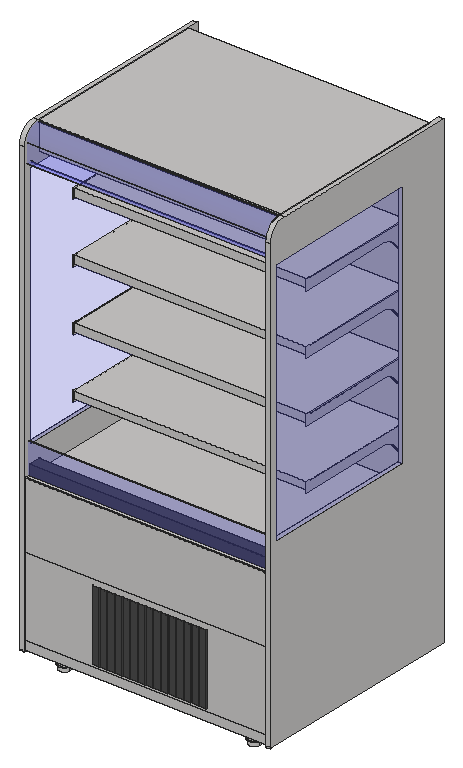
Revit family "Food-Service-Equipment_Oscartek_H7835_1040", category Specialty Equipment, Revit 2026
Family settings
  Round Connector Dimension = Use Diameter
  Part Type = Normal
  Classification Number = 23.40.40.11
  Work Plane-Based = No
  Enable Cutting in Views = No
  Always vertical = Yes
  Cut with Voids When Loaded = No
  Maintain Annotation Orientation = No
  Shared = No
  Room Calculation Point = No
Parameters
  Width = 40.94"  # constant formula
  Weight in Pounds = 440
  Watts = Volts * FL Amps  # 1760 W
  Waste Water Discharge Temperature [instance] = -459.67 °F
  Volts = 220 V
  URL Cutsheet = "www.oscartek.com"
  URL = "www.oscartek.com"
  Type Mark [instance] = ""
  Type Comments = "As Specified"
  Test Data = "http://www.oscartek.com/company/clients.php"
  Status [instance] = ""
  Specification by User [instance] = ""
  Specification by Manufacturer = ""
  Specification = "https://www.arcat.com/arcatcos/cos48/arc48760.html"
  Show Square Side [instance] = no
  Show Round Side [instance] = not(Show Square Side)  # yes
  Serial Number = ""
  Seismic Rating = ""
  Sales Information = "http://www.oscartek.com/company/contact.php"
  SMACNA No = ""
  Revision Code [instance] = ""
  Revision = "R1_2018-10"
  Product Data = "http://www.oscartek.com/support/manuals/"
  Plumbing Remarks [instance] = ""
  Plumbing Connection Type [instance] = ""
  Phase = 1
  Omniclass Number and Title = ""
  Number of Poles [instance] = 1
  NAFEM Spec ID Number = ""
  Model = "H78 1040"
  Min Ckt Ampacity = 0 A
  Max Overcurrent Protection = 0 A
  Masterspec = ""
  Manufacturer Website = "http://www.oscartek.com/index.php"
  Manufacturer Phone - Toll Free = "855-885-2400"
  Manufacturer Phone = "650-342-2400"
  Manufacturer Fax = "650-342-7400"
  Manufacturer Address = "361 Beach Rd., Burlingame, CA 94010"
  Manufacturer = "OSCARTEK"
  Item Number [instance] = ""
  Installed By [instance] = ""
  Installation-Fabrication = "http://www.oscartek.com/support/manuals/"
  Indirect Waste Size = 1"
  Indirect Waste Flow [instance] = 0 GPM
  Indirect Waste Connection Type [instance] = ""
  Indirect Waste Connection Height = 0.00"
  Identify Quantity as Lot [instance] = yes
  HP = ""
  Green Building-LEED = "https://www.arcat.com/green/green_building.shtml"
  Furnished By [instance] = ""
  Foodservice Equipment Identifier [instance] = yes
  FL Amps = 8 A
  Electrical Remarks [instance] = ""
  Electric Connection Type [instance] = ""
  Elec Conn RI Height [instance] = 0.00"
  Elec Conn Connection Height [instance] = 0.00"
  Drawn By = "Sumex Design, Inc. / Robert S. Weygant, CSI, CDT, SCIP"
  Description = "MURO H78 SELF SERVE AIR SCREEN WALL REFRIGERATION SHOWCASES"
  Default Elevation = 0.00"
  Cycle = 60 Hz
  Copyright = "©Arcat Inc."
  Construction Details = "http://www.oscartek.com/support/manuals/"
  Conn Plug = ""
  Conn Conduit = yes
  Category = ""
  CSI MasterFormat = "11 41 33"
  CSI Master Format = "Foodservice Shelving"
  Building Codes = "https://www.arcat.com/arcatcos/cos48/arc48760.html"
  Apparent Power = if(Phase = 3, Volts * FL Amps * 1.73, Volts * FL Amps)  # 1760 VA
Reference planes (in)
  plane 1 "BACK": y = 8.75
  plane 2: z = 0
  plane 3 "LEFT": x = 0
  plane 4 "RIGHT": x = 40.94
  plane 5 "FRONT": y = -26.5
  plane 6 "TOP": z = 78.75
  plane 7 "Center Y": x = 20.47
  plane 8 "Center X": y = -8.875
  plane 9: z = 3.271
  plane 10: x = 0.75
  plane 11: x = 40.19
  plane 12: z = 16.75
  plane 13: y = 0.5
Forms (in)
  Extrusion 1, solid, material "QF_Finishes_Stainless Steel", visible <- "Show Round Side"
    sketch origin (0, 0, 0) x (0, 1, 0) y (0, 0, 1)
      loop
        line (-26.46197, 2.20472) -> (8.75, 2.20472) -> (8.75, 78.75) -> (-23.75, 78.75)
        arc (-23.75, 78.75) -> (-25.69454, 77.94454) -> (-26.5, 76) r 2.75
        line (-26.5, 76) -> (-26.5, 2.24275)
        arc (-26.5, 2.24275) -> (-26.48886, 2.21586) -> (-26.46197, 2.20472) r 0.03803
      loop
        line (-25.5, 72.5) -> (-25.5, 31.95472) -> (0.5, 31.95472) -> (0.5, 72.5) -> (-25.5, 72.5)
    from 0 to 0.75
  Extrusion 2, solid, material "QF_Finishes_Stainless Steel", visible <- "Show Round Side"
    sketch origin (40.94, 0, 0) x (0, 1, 0) y (0, 0, 1)
      loop
        line (-26.46197, 2.20472) -> (8.75, 2.20472) -> (8.75, 78.75) -> (-23.75, 78.75)
        arc (-23.75, 78.75) -> (-25.69454, 77.94454) -> (-26.5, 76) r 2.75
        line (-26.5, 76) -> (-26.5, 2.24275)
        arc (-26.5, 2.24275) -> (-26.48886, 2.21586) -> (-26.46197, 2.20472) r 0.03803
      loop
        line (-25.5, 72.5) -> (-25.5, 31.95472) -> (0.5, 31.95472) -> (0.5, 72.5) -> (-25.5, 72.5)
    from 0 to -0.75
  Extrusion 3, solid, material "QF_Finishes_Stainless Steel"
    sketch origin (0, 0, 0) x (0, 1, 0) y (0, 0, 1)
      loop
        line (-26.34338, 2.40551) -> (-20.83158, 2.40551) -> (-20.83158, 3.937) -> (-26.34338, 3.937) -> (-26.34338, 2.40551)
      loop
        line (-2.59834, 2.40551) -> (7.28846, 2.40551) -> (7.28846, 3.937) -> (-2.59834, 3.937) -> (-2.59834, 2.40551)
    from 0.75 to 40.19
  Extrusion 4, solid, material "QF_Finishes_Stainless Steel"
    sketch origin (0, 0, 0) x (0, 1, 0) y (0, 0, 1)
      loop
        line (-26.40231, 3.937) -> (6.88184, 3.937) -> (6.88184, 74.20535) -> (3.00587, 74.20535) -> (3.00587, 20.17005) -> (-20.70592, 18.5975) -> (-24.50591, 20.79142) -> (-24.50591, 27.12554)
        arc (-24.50591, 27.12554) -> (-24.51736, 27.1533) -> (-24.54506, 27.16491) r 0.03937
        line (-24.54506, 27.16491) -> (-25.68701, 27.16491) -> (-25.68701, 27.63786)
        arc (-25.68701, 27.63786) -> (-25.69839, 27.66534) -> (-25.72586, 27.67672) r 0.03885
        line (-25.72586, 27.67672) -> (-26.41972, 27.67672)
        arc (-26.41972, 27.67672) -> (-26.44719, 27.66534) -> (-26.45857, 27.63788) r 0.03885
        line (-26.45857, 27.63788) -> (-26.46237, 16.75) -> (-26.40231, 16.75) -> (-26.40231, 3.937)
    from 0.75 to 40.19
  Extrusion 5, solid, material "QF_Finishes_Black"
    sketch origin (0, 0, 0) x (0, 1, 0) y (0, 0, 1)
      loop
        line (-25.68701, 27.16491) -> (-24.50591, 27.16491) -> (-24.50591, 20.79142) -> (-20.70592, 18.5975) -> (3.00587, 20.17005) -> (3.00587, 27.19737) -> (-22.53741, 27.19737) -> (-22.53741, 27.64347) -> (-23.70681, 29.31355)
        arc (-23.70681, 29.31355) -> (-23.72081, 29.32583) -> (-23.7389, 29.33026) r 0.03918
        line (-23.7389, 29.33026) -> (-25.64296, 29.33026)
        arc (-25.64296, 29.33026) -> (-25.67411, 29.31735) -> (-25.68701, 29.2862) r 0.04405
        line (-25.68701, 29.2862) -> (-25.68701, 27.16491)
    from 0.75 to 40.19
  Extrusion 6, solid, material "QF_Finishes_Stainless Steel"
    sketch origin (0, 0, 0) x (0, 1, 0) y (0, 0, 1)
      loop
        line (-22.51772, 27.20355) -> (2.73618, 27.20355) -> (2.73618, 27.67965) -> (-22.47332, 27.67965)
        arc (-22.47332, 27.67965) -> (-22.50472, 27.66665) -> (-22.51772, 27.63525) r 0.0444
        line (-22.51772, 27.63525) -> (-22.51772, 27.20355)
    from 0.75 to 40.19
  Extrusion 7, solid, material "QF_Finishes_Stainless Steel"
    sketch origin (0, -11.98827, 0) x (1, 0, 0) y (0, 1, 0)
      loop
        line (1.25, 14.74413) -> (1.75, 14.74413) -> (1.75, 14.99413) -> (1.25, 14.99413) -> (1.25, 14.74413)
      loop
        line (39.69, 14.74413) -> (39.69, 14.99413) -> (39.19, 14.99413) -> (39.19, 14.74413) -> (39.69, 14.74413)
    from 27.19737 to 73.95535
  Extrusion 8, solid, material "Glass"
    sketch origin (0, 0, 0) x (1, 0, 0) y (0, 1, 0)
      loop
        line (0.75, -25.8878) -> (40.19, -25.8878) -> (40.19, -25.68701) -> (0.75, -25.68701) -> (0.75, -25.8878)
    from 27.67672 to 32.79482
  Extrusion 9, solid, material "QF_Finishes_Stainless Steel"
    sketch origin (0, -21.8612, 29.41271) x (0, -0.264111, -0.964492) y (1, 0, 0)
      loop
        line (10.91245, 4.87364) -> (13.41245, 4.87364) -> (13.41245, 20.40346) -> (10.91245, 20.40346) -> (10.91245, 4.87364)
    from 0.96884 to 1.03549
  Extrusion 10, solid, material "QF_Finishes_Stainless Steel"
    sketch origin (0, 8.75, 0) x (1, 0, 0) y (0, 0, 1)
      loop
        line (5.64183, 18.76487) -> (5.02582, 16.75) -> (5.28724, 16.75) -> (5.8809, 18.69178)
        arc (5.8809, 18.69178) -> (5.97127, 18.81965) -> (6.11998, 18.86869) r 0.25
        line (6.11998, 18.86869) -> (19.13002, 18.86869)
        arc (19.13002, 18.86869) -> (19.27873, 18.81965) -> (19.3691, 18.69178) r 0.25
        line (19.3691, 18.69178) -> (19.96276, 16.75) -> (20.22418, 16.75) -> (19.60817, 18.76487)
        arc (19.60817, 18.76487) -> (19.42743, 19.02062) -> (19.13002, 19.11869) r 0.5
        line (19.13002, 19.11869) -> (6.11998, 19.11869)
        arc (6.11998, 19.11869) -> (5.82257, 19.02062) -> (5.64183, 18.76487) r 0.5
    from 25.13374 to 26.48762
  Extrusion 11, void
    sketch origin (0, 8.75, 0) x (1, 0, 0) y (0, 0, 1)
      loop
        arc (6.11998, 18.86869) -> (5.97127, 18.81965) -> (5.8809, 18.69178) r 0.25
        line (5.8809, 18.69178) -> (5.28724, 16.75) -> (19.96276, 16.75) -> (19.3691, 18.69178)
        arc (19.3691, 18.69178) -> (19.27873, 18.81965) -> (19.13002, 18.86869) r 0.25
        line (19.13002, 18.86869) -> (6.11998, 18.86869)
    from 25.13374 to 26.46149
  Extrusion 12, solid, material "QF_Finishes_Stainless Steel"
    sketch origin (0, 0, 0) x (0, 1, 0) y (0, 0, 1)
      loop
        line (-26.3643, 16.75) -> (-25.13374, 16.75) -> (-25.13374, 18.86869) -> (-25.80422, 18.86869) -> (-26.3643, 16.75)
    from 4.87364 to 20.40346
  Extrusion 13, solid, material "QF_Finishes_Stainless Steel"
    sketch origin (0, 0, 0) x (1, 0, 0) y (0, 1, 0)
      loop
        circle (36.94, -14.875) r 0.5
    from 16.18107 to 18.86869
  Extrusion 14, solid, material "QF_Finishes_Stainless Steel"
    sketch origin (0, -22.85993, 29.6862) x (0, -0.264111, -0.964492) y (1, 0, 0)
      loop
        arc (12.91245, 18.15026) -> (12.82092, 18.37123) -> (12.59995, 18.46276) r 0.3125
        line (12.59995, 18.46276) -> (12.02826, 18.46276)
        arc (12.02826, 18.46276) -> (11.80729, 18.37123) -> (11.71576, 18.15026) r 0.3125
        line (11.71576, 18.15026) -> (11.71576, 7.10053)
        arc (11.71576, 7.10053) -> (11.80752, 6.879) -> (12.02905, 6.78724) r 0.31329
        line (12.02905, 6.78724) -> (12.59995, 6.78724)
        arc (12.59995, 6.78724) -> (12.82092, 6.87877) -> (12.91245, 7.09974) r 0.3125
        line (12.91245, 7.09974) -> (12.91245, 18.15026)
    from 0 to 0.125
  Extrusion 15, solid, material "QF_Finishes_Black"
    sketch origin (0, -26.40231, 4.01088) x (0, 0, -1) y (1, 0, 0)
      loop
        line (-11.77886, 15.38176) -> (-11.77886, 14.38176) -> (-0.27886, 14.38176) -> (-0.27886, 15.38176) -> (-11.77886, 15.38176)
      loop
        line (-0.27886, 16.63176) -> (-11.77886, 16.63176) -> (-11.77886, 15.63176) -> (-0.27886, 15.63176) -> (-0.27886, 16.63176)
      loop
        line (-0.27886, 17.88176) -> (-11.77886, 17.88176) -> (-11.77886, 16.88176) -> (-0.27886, 16.88176) -> (-0.27886, 17.88176)
      loop
        line (-0.27886, 19.13176) -> (-11.77886, 19.13176) -> (-11.77886, 18.13176) -> (-0.27886, 18.13176) -> (-0.27886, 19.13176)
      loop
        line (-11.77886, 20.38176) -> (-11.77886, 19.38176) -> (-0.27886, 19.38176) -> (-0.27886, 20.38176) -> (-11.77886, 20.38176)
      loop
        line (-11.77886, 20.63176) -> (-0.27886, 20.63176) -> (-0.27886, 21.63176) -> (-11.77886, 21.63176) -> (-11.77886, 20.63176)
      loop
        line (-11.77886, 21.88176) -> (-0.27886, 21.88176) -> (-0.27886, 22.88176) -> (-11.77886, 22.88176) -> (-11.77886, 21.88176)
      loop
        line (-0.27886, 23.13176) -> (-0.27886, 24.13176) -> (-11.77886, 24.13176) -> (-11.77886, 23.13176) -> (-0.27886, 23.13176)
      loop
        line (-11.77886, 24.38176) -> (-0.27886, 24.38176) -> (-0.27886, 25.38176) -> (-11.77886, 25.38176) -> (-11.77886, 24.38176)
      loop
        line (-11.77886, 25.63176) -> (-0.27886, 25.63176) -> (-0.27886, 26.63176) -> (-11.77886, 26.63176) -> (-11.77886, 25.63176)
      loop
        line (-0.27886, 26.88176) -> (-0.27886, 27.88176) -> (-11.77886, 27.88176) -> (-11.77886, 26.88176) -> (-0.27886, 26.88176)
      loop
        line (-11.77886, 12.88176) -> (-11.77886, 11.88176) -> (-0.27886, 11.88176) -> (-0.27886, 12.88176) -> (-11.77886, 12.88176)
      loop
        line (-0.27886, 14.13176) -> (-11.77886, 14.13176) -> (-11.77886, 13.13176) -> (-0.27886, 13.13176) -> (-0.27886, 14.13176)
      loop
        line (-11.77886, 28.13176) -> (-0.27886, 28.13176) -> (-0.27886, 29.13176) -> (-11.77886, 29.13176) -> (-11.77886, 28.13176)
      loop
        line (-0.27886, 29.38176) -> (-0.27886, 30.38176) -> (-11.77886, 30.38176) -> (-11.77886, 29.38176) -> (-0.27886, 29.38176)
    from 0 to 0.0625
  Revolve 16, solid, material "QF_Finishes_Stainless Steel"
    sketch origin (28.62286, -23.62286, 0) x (1, 0, 0) y (0, 0, 1)
      loop
        line (-23.62286, 0) -> (-22.75672, 0) -> (-22.75672, 0.69791) -> (-22.67415, 0.69791)
        arc (-22.67415, 0.69791) -> (-22.56591, 0.7425) -> (-22.5205, 0.85039) r 0.15366
        line (-22.5205, 0.85039) -> (-22.5205, 2.40551) -> (-23.62286, 2.40551) -> (-23.62286, 0)
      axis (-23.62286, 0) -> (-23.62286, 2.40551)
    angle from 0 to 360
  Revolve 17, solid, material "QF_Finishes_Stainless Steel"
    sketch origin (28.62286, -4.25282, 0) x (1, 0, 0) y (0, 0, 1)
      loop
        line (-23.62286, 0) -> (-22.75672, 0) -> (-22.75672, 0.69791) -> (-22.67415, 0.69791)
        arc (-22.67415, 0.69791) -> (-22.56591, 0.7425) -> (-22.5205, 0.85039) r 0.15366
        line (-22.5205, 0.85039) -> (-22.5205, 2.40551) -> (-23.62286, 2.40551) -> (-23.62286, 0)
      axis (-23.62286, 0) -> (-23.62286, 2.40551)
    angle from 0 to 360
  Revolve 18, solid, material "QF_Finishes_Stainless Steel"
    sketch origin (-3.37286, -23.62286, 0) x (-1, 0, 0) y (0, 0, -1)
      loop
        line (-39.31286, 0) -> (-39.31286, -2.40551) -> (-38.2105, -2.40551) -> (-38.2105, -0.85039)
        arc (-38.2105, -0.85039) -> (-38.25591, -0.7425) -> (-38.36415, -0.69791) r 0.15366
        line (-38.36415, -0.69791) -> (-38.44672, -0.69791) -> (-38.44672, 0) -> (-39.31286, 0)
      axis (-39.31286, 0) -> (-39.31286, -2.40551)
    angle from 0 to 360
  Revolve 19, solid, material "QF_Finishes_Stainless Steel"
    sketch origin (-3.37286, -4.25282, 0) x (-1, 0, 0) y (0, 0, -1)
      loop
        line (-39.31286, 0) -> (-39.31286, -2.40551) -> (-38.2105, -2.40551) -> (-38.2105, -0.85039)
        arc (-38.2105, -0.85039) -> (-38.25591, -0.7425) -> (-38.36415, -0.69791) r 0.15366
        line (-38.36415, -0.69791) -> (-38.44672, -0.69791) -> (-38.44672, 0) -> (-39.31286, 0)
      axis (-39.31286, 0) -> (-39.31286, -2.40551)
    angle from 0 to 360
  Extrusion 20, solid, material "Glass", visible <- "Show Round Side"
    sketch origin (0, 0, 0) x (0, -1, 0) y (0, 0, 1)
      loop
        line (-0.5, 72.5) -> (-0.5, 31.95472) -> (25.5, 31.95472) -> (25.5, 72.5) -> (-0.5, 72.5)
    from 0 to -0.75
  Extrusion 21, solid, material "Glass", visible <- "Show Round Side"
    sketch origin (40.94, 0, 0) x (0, 1, 0) y (0, 0, 1)
      loop
        line (0.5, 72.5) -> (-25.5, 72.5) -> (-25.5, 31.95472) -> (0.5, 31.95472) -> (0.5, 72.5)
    from 0 to -0.75
  Extrusion 22, solid, material "QF_Finishes_Stainless Steel", visible <- "Show Round Side"
    sketch origin (0, 0, 0) x (0, 1, 0) y (0, 0, 1)
      loop
        line (6.88184, 74.20535) -> (6.88184, 78.75) -> (-23.61812, 78.75) -> (-23.61812, 74.20535) -> (6.88184, 74.20535)
      loop
        arc (-26.12086, 73.35631) -> (-26.07664, 73.24957) -> (-25.9699, 73.20535) r 0.15096
        line (-25.9699, 73.20535) -> (-25.18659, 73.20535)
        arc (-25.18659, 73.20535) -> (-25.12409, 73.26785) -> (-25.18659, 73.33035) r 0.0625
        line (-25.18659, 73.33035) -> (-25.99586, 73.33035) -> (-25.99586, 76.375)
        arc (-25.99586, 76.375) -> (-25.37346, 77.8776) -> (-23.87086, 78.5) r 2.125
        line (-23.87086, 78.5) -> (-23.63863, 78.5) -> (-23.63863, 78.625) -> (-23.87086, 78.625)
        arc (-23.87086, 78.625) -> (-25.46185, 77.96599) -> (-26.12086, 76.375) r 2.25
        line (-26.12086, 76.375) -> (-26.12086, 73.35631)
    from 0.75 to 40.19
  Extrusion 23, solid, material "QF_Finishes_Stainless Steel", visible <- "Show Square Side"
    sketch origin (0, 0, 0) x (0, 1, 0) y (0, 0, 1)
      loop
        line (-26.46197, 2.20472) -> (8.75, 2.20472) -> (8.75, 78.5) -> (-26.46855, 78.5)
        arc (-26.46855, 78.5) -> (-26.49079, 78.49079) -> (-26.5, 78.46855) r 0.03145
        line (-26.5, 78.46855) -> (-26.5, 2.24275)
        arc (-26.5, 2.24275) -> (-26.48886, 2.21586) -> (-26.46197, 2.20472) r 0.03803
    from 0 to 0.75
  Extrusion 24, solid, material "QF_Finishes_Stainless Steel", visible <- "Show Square Side"
    sketch origin (40.94, 0, 0) x (0, 1, 0) y (0, 0, 1)
      loop
        line (-26.46197, 2.20472) -> (8.75, 2.20472) -> (8.75, 78.5) -> (-26.46855, 78.5)
        arc (-26.46855, 78.5) -> (-26.49079, 78.49079) -> (-26.5, 78.46855) r 0.03145
        line (-26.5, 78.46855) -> (-26.5, 2.24275)
        arc (-26.5, 2.24275) -> (-26.48886, 2.21586) -> (-26.46197, 2.20472) r 0.03803
    from 0 to -0.75
  Extrusion 25, solid, material "QF_Finishes_Stainless Steel", visible <- "Show Square Side"
    sketch origin (0, 0, 0) x (0, 1, 0) y (0, 0, 1)
      loop
        line (6.88184, 73.95535) -> (6.88184, 78.5) -> (-26.46855, 78.5)
        arc (-26.46855, 78.5) -> (-26.49079, 78.49079) -> (-26.5, 78.46855) r 0.03145
        line (-26.5, 78.46855) -> (-26.5, 72.95281)
        arc (-26.5, 72.95281) -> (-26.4861, 72.91926) -> (-26.45256, 72.90536) r 0.04744
        line (-26.45256, 72.90536) -> (-26.06693, 72.90536)
        arc (-26.06693, 72.90536) -> (-26.02559, 72.9467) -> (-26.06693, 72.98804) r 0.04134
        line (-26.06693, 72.98804) -> (-26.33346, 72.98804) -> (-26.33346, 74.19651) -> (-25.63361, 75.196) -> (-25.03709, 75.196)
        arc (-25.03709, 75.196) -> (-24.50394, 74.98804) -> (-23.97079, 75.196) r 0.7874
        line (-23.97079, 75.196) -> (-23.61812, 75.196) -> (-23.61812, 73.95535) -> (6.88184, 73.95535)
    from 0.75 to 40.19
  Extrusion 26, solid, material "QF_Finishes_Stainless Steel"
    sketch origin (0, 0, 0) x (0, 1, 0) y (0, 0, -1)
      loop
        line (2.61984, -66.3027) -> (2.61984, -65.02623) -> (-17.38016, -65.02623) -> (-17.38016, -66.3027) -> (2.61984, -66.3027)
      loop
        line (2.61984, -56.42928) -> (2.61984, -55.1528) -> (-17.38016, -55.1528) -> (-17.38016, -56.42928) -> (2.61984, -56.42928)
      loop
        line (2.61984, -46.55585) -> (2.61984, -45.27937) -> (-17.38016, -45.27937) -> (-17.38016, -46.55585) -> (2.61984, -46.55585)
      loop
        line (2.61984, -36.68242) -> (2.61984, -35.40595) -> (-17.38016, -35.40595) -> (-17.38016, -36.68243) -> (2.61984, -36.68242)
    from -39.4375 to -1.5625
  Extrusion 27, solid, material "QF_Finishes_Stainless Steel"
    sketch origin (0.09537, 0, 0) x (0, 1, 0) y (0, 0, -1)
      loop
        line (2.69876, -66.19945) -> (2.69876, -61.19225) -> (2.53367, -61.19225)
        arc (2.53367, -61.19225) -> (2.47723, -61.19848) -> (2.42492, -61.22055) r 0.19685
        line (2.42492, -61.22055) -> (0.06613, -63.97573)
        arc (0.06613, -63.97573) -> (-0.60615, -64.48369) -> (-1.42922, -64.66402) r 1.9685
        line (-1.42922, -64.66402) -> (-17.46199, -64.66402)
        arc (-17.46199, -64.66402) -> (-17.51766, -64.68708) -> (-17.54073, -64.74276) r 0.07874
        line (-17.54073, -64.74276) -> (-17.54073, -66.25876)
        arc (-17.54073, -66.25876) -> (-17.51766, -66.31444) -> (-17.46199, -66.3375) r 0.07874
        line (-17.46199, -66.3375) -> (-16.95018, -66.3375)
        arc (-16.95018, -66.3375) -> (-16.8945, -66.31444) -> (-16.87144, -66.25876) r 0.07874
        line (-16.87144, -66.25876) -> (-16.87144, -66.19945) -> (2.69876, -66.19945)
      loop
        line (2.69876, -56.32445) -> (2.69876, -51.31725) -> (2.53367, -51.31725)
        arc (2.53367, -51.31725) -> (2.47723, -51.32348) -> (2.42492, -51.34555) r 0.19685
        line (2.42492, -51.34555) -> (0.06613, -54.10073)
        arc (0.06613, -54.10073) -> (-0.60615, -54.60869) -> (-1.42922, -54.78902) r 1.9685
        line (-1.42922, -54.78902) -> (-17.46199, -54.78902)
        arc (-17.46199, -54.78902) -> (-17.51766, -54.81208) -> (-17.54073, -54.86776) r 0.07874
        line (-17.54073, -54.86776) -> (-17.54073, -56.38376)
        arc (-17.54073, -56.38376) -> (-17.51766, -56.43944) -> (-17.46199, -56.4625) r 0.07874
        line (-17.46199, -56.4625) -> (-16.95018, -56.4625)
        arc (-16.95018, -56.4625) -> (-16.8945, -56.43944) -> (-16.87144, -56.38376) r 0.07874
        line (-16.87144, -56.38376) -> (-16.87144, -56.32445) -> (2.69876, -56.32445)
      loop
        line (2.69876, -46.44945) -> (2.69876, -41.44225) -> (2.53367, -41.44225)
        arc (2.53367, -41.44225) -> (2.47723, -41.44848) -> (2.42492, -41.47055) r 0.19685
        line (2.42492, -41.47055) -> (0.06613, -44.22573)
        arc (0.06613, -44.22573) -> (-0.60615, -44.73369) -> (-1.42922, -44.91402) r 1.9685
        line (-1.42922, -44.91402) -> (-17.46199, -44.91402)
        arc (-17.46199, -44.91402) -> (-17.51766, -44.93708) -> (-17.54073, -44.99276) r 0.07874
        line (-17.54073, -44.99276) -> (-17.54073, -46.50876)
        arc (-17.54073, -46.50876) -> (-17.51766, -46.56444) -> (-17.46199, -46.5875) r 0.07874
        line (-17.46199, -46.5875) -> (-16.95018, -46.5875)
        arc (-16.95018, -46.5875) -> (-16.8945, -46.56444) -> (-16.87144, -46.50876) r 0.07874
        line (-16.87144, -46.50876) -> (-16.87144, -46.44945) -> (2.69876, -46.44945)
      loop
        line (2.69876, -36.57445) -> (2.69876, -31.56725) -> (2.53367, -31.56725)
        arc (2.53367, -31.56725) -> (2.47723, -31.57348) -> (2.42492, -31.59555) r 0.19685
        line (2.42492, -31.59555) -> (0.06613, -34.35073)
        arc (0.06613, -34.35073) -> (-0.60615, -34.85869) -> (-1.42922, -35.03902) r 1.9685
        line (-1.42922, -35.03902) -> (-17.46199, -35.03902)
        arc (-17.46199, -35.03902) -> (-17.51766, -35.06208) -> (-17.54073, -35.11776) r 0.07874
        line (-17.54073, -35.11776) -> (-17.54073, -36.63376)
        arc (-17.54073, -36.63376) -> (-17.51766, -36.68944) -> (-17.46199, -36.7125) r 0.07874
        line (-17.46199, -36.7125) -> (-16.95018, -36.7125)
        arc (-16.95018, -36.7125) -> (-16.8945, -36.68944) -> (-16.87144, -36.63376) r 0.07874
        line (-16.87144, -36.63376) -> (-16.87144, -36.57445) -> (2.69876, -36.57445)
    from -1.46713 to -1.37338
  Extrusion 28, solid, material "QF_Finishes_Stainless Steel"
    sketch origin (40.90463, 0, 0) x (0, 1, 0) y (0, 0, 1)
      loop
        line (2.69876, 66.19945) -> (-16.87144, 66.19945) -> (-16.87144, 66.25876)
        arc (-16.87144, 66.25876) -> (-16.8945, 66.31444) -> (-16.95018, 66.3375) r 0.07874
        line (-16.95018, 66.3375) -> (-17.46199, 66.3375)
        arc (-17.46199, 66.3375) -> (-17.51766, 66.31444) -> (-17.54073, 66.25876) r 0.07874
        line (-17.54073, 66.25876) -> (-17.54073, 64.74276)
        arc (-17.54073, 64.74276) -> (-17.51766, 64.68708) -> (-17.46199, 64.66402) r 0.07874
        line (-17.46199, 64.66402) -> (-1.42922, 64.66402)
        arc (-1.42922, 64.66402) -> (-0.60615, 64.48369) -> (0.06613, 63.97573) r 1.9685
        line (0.06613, 63.97573) -> (2.42492, 61.22055)
        arc (2.42492, 61.22055) -> (2.47723, 61.19848) -> (2.53367, 61.19225) r 0.19685
        line (2.53367, 61.19225) -> (2.69876, 61.19225) -> (2.69876, 66.19945)
      loop
        line (2.69876, 56.32445) -> (-16.87144, 56.32445) -> (-16.87144, 56.38376)
        arc (-16.87144, 56.38376) -> (-16.8945, 56.43944) -> (-16.95018, 56.4625) r 0.07874
        line (-16.95018, 56.4625) -> (-17.46199, 56.4625)
        arc (-17.46199, 56.4625) -> (-17.51766, 56.43944) -> (-17.54073, 56.38376) r 0.07874
        line (-17.54073, 56.38376) -> (-17.54073, 54.86776)
        arc (-17.54073, 54.86776) -> (-17.51766, 54.81208) -> (-17.46199, 54.78902) r 0.07874
        line (-17.46199, 54.78902) -> (-1.42922, 54.78902)
        arc (-1.42922, 54.78902) -> (-0.60615, 54.60869) -> (0.06613, 54.10073) r 1.9685
        line (0.06613, 54.10073) -> (2.42492, 51.34555)
        arc (2.42492, 51.34555) -> (2.47723, 51.32348) -> (2.53367, 51.31725) r 0.19685
        line (2.53367, 51.31725) -> (2.69876, 51.31725) -> (2.69876, 56.32445)
      loop
        line (2.69876, 46.44945) -> (-16.87144, 46.44945) -> (-16.87144, 46.50876)
        arc (-16.87144, 46.50876) -> (-16.8945, 46.56444) -> (-16.95018, 46.5875) r 0.07874
        line (-16.95018, 46.5875) -> (-17.46199, 46.5875)
        arc (-17.46199, 46.5875) -> (-17.51766, 46.56444) -> (-17.54073, 46.50876) r 0.07874
        line (-17.54073, 46.50876) -> (-17.54073, 44.99276)
        arc (-17.54073, 44.99276) -> (-17.51766, 44.93708) -> (-17.46199, 44.91402) r 0.07874
        line (-17.46199, 44.91402) -> (-1.42922, 44.91402)
        arc (-1.42922, 44.91402) -> (-0.60615, 44.73369) -> (0.06613, 44.22573) r 1.9685
        line (0.06613, 44.22573) -> (2.42492, 41.47055)
        arc (2.42492, 41.47055) -> (2.47723, 41.44848) -> (2.53367, 41.44225) r 0.19685
        line (2.53367, 41.44225) -> (2.69876, 41.44225) -> (2.69876, 46.44945)
      loop
        line (2.69876, 36.57445) -> (-16.87144, 36.57445) -> (-16.87144, 36.63376)
        arc (-16.87144, 36.63376) -> (-16.8945, 36.68944) -> (-16.95018, 36.7125) r 0.07874
        line (-16.95018, 36.7125) -> (-17.46199, 36.7125)
        arc (-17.46199, 36.7125) -> (-17.51766, 36.68944) -> (-17.54073, 36.63376) r 0.07874
        line (-17.54073, 36.63376) -> (-17.54073, 35.11776)
        arc (-17.54073, 35.11776) -> (-17.51766, 35.06208) -> (-17.46199, 35.03902) r 0.07874
        line (-17.46199, 35.03902) -> (-1.42922, 35.03902)
        arc (-1.42922, 35.03902) -> (-0.60615, 34.85869) -> (0.06613, 34.35073) r 1.9685
        line (0.06613, 34.35073) -> (2.42492, 31.59555)
        arc (2.42492, 31.59555) -> (2.47723, 31.57348) -> (2.53367, 31.56725) r 0.19685
        line (2.53367, 31.56725) -> (2.69876, 31.56725) -> (2.69876, 36.57445)
    from -1.46713 to -1.37338
Cuts and joins
  Extrusion 11 cuts Extrusion 4
  joined: Extrusion 4, Extrusion 9, Extrusion 10, Extrusion 12
Lines and regions (in)
  symbolic lines
    curve 1: line (0.75, 8.75, 0) -> (0, 8.75, 0)
    curve 2: line (0.75, -26.5, 0) -> (0.75, 8.75, 0)
    curve 3: line (0, -26.5, 0) -> (0.75, -26.5, 0)
    curve 4: line (0, 8.75, 0) -> (0, -26.5, 0)
    curve 5: line (40.19, -26.5, 0) -> (40.94, -26.5, 0)
    curve 6: line (40.19, 8.75, 0) -> (40.19, -26.5, 0)
    curve 7: line (40.94, 8.75, 0) -> (40.19, 8.75, 0)
    curve 8: line (40.94, -26.5, 0) -> (40.94, 8.75, 0)
    curve 9: line (40.19, 7.28846, 0) -> (0.75, 7.28846, 0)
    curve 10: line (0.75, -26.25, 0) -> (40.19, -26.25, 0)
  symbolic lines, visible <- "Show Round Side"
    curve 11: line (0.75, -23.61812, 0) -> (40.19, -23.61812, 0)
Dimensions and locks (in)
  equal spacing: plane 3 "LEFT", plane 7 "Center Y", plane 4 "RIGHT"
  "Width": plane 3 "LEFT" to plane 4 "RIGHT"
  equal spacing: plane 5 "FRONT", plane 8 "Center X", plane 1 "BACK"
  plane 5 "FRONT" to plane 1 "BACK" = 35.25"  (x2)
  plane 6 "TOP" to level = 78.75"
  locked: plane 3 "LEFT" to plane 10 at 0.75
  locked: plane 11 to plane 4 "RIGHT" at 0.75
  plane 12 to level = 16.75"
  Extrusion 10 sketch curve to Extrusion 10 sketch curve to Extrusion 10 sketch curve to Extrusion 10 sketch curve to Extrusion 10 sketch curve to Extrusion 10 sketch curve to Extrusion 10 sketch curve to Extrusion 10 sketch curve = 0.26142" locked, 0.83274" locked, 0.00" locked, 13.01004" locked, 0.00" locked, 0.83274" locked, 0.26142" locked
  plane 3 "LEFT" to Extrusion 9 sketch curve to Extrusion 9 sketch curve = 4.87364" locked, 15.52982" locked
  Extrusion 11 sketch curve to Extrusion 11 sketch curve to Extrusion 11 sketch curve to Extrusion 11 sketch curve = 0.83274" locked, 13.01004" locked, 0.83274" locked
  Revolve 18 sketch curve to Revolve 18 sketch curve to Revolve 18 sketch curve to Revolve 18 sketch curve to plane 4 "RIGHT" = 0.15365" locked, 0.08257" locked, 0.86614" locked, 5.00" locked
  Revolve 19 sketch curve to Revolve 19 sketch curve to Revolve 19 sketch curve to Revolve 19 sketch curve to plane 4 "RIGHT" = 0.15365" locked, 0.08257" locked, 0.86614" locked, 5.00" locked
  plane 13 to plane 1 "BACK" = 8.25"
  aligned and locked: level to plane 2
  aligned and locked: plane 6 "TOP" to Extrusion 1 sketch curve
  aligned and locked: Extrusion 2 to plane 11
  aligned and locked: plane 10 to Extrusion 3
  aligned and locked: plane 11 to Extrusion 3
  aligned and locked: plane 10 to Extrusion 4
  aligned and locked: plane 11 to Extrusion 4
  aligned and locked: plane 10 to Extrusion 5
  aligned and locked: plane 11 to Extrusion 5
  aligned and locked: plane 10 to Extrusion 6
  aligned and locked: plane 11 to Extrusion 6
  aligned and locked: plane 11 to Extrusion 25
  aligned and locked: plane 11 to Extrusion 22
Automatic sketch dimensions
  plane 1 "BACK" to curve 1 = 0.00"
  curve 1 to plane 3 "LEFT" = 0.00"
  plane 5 "FRONT" to curve 3 = 0.00"
  curve 3 to plane 10 = 0.00"
  curve 10 to plane 11 = 0.00"
  plane 1 "BACK" to curve 7 = 0.00"
  curve 7 to plane 4 "RIGHT" = 0.00"
  plane 5 "FRONT" to curve 6 = 0.00"
  curve 10 to plane 5 "FRONT" = 0.25"
  curve 10 to curve 11 = 2.63188"
  curve 9 to curve 6 = 1.46154"
  Extrusion 1 sketch curve to plane 5 "FRONT" = 0.00"
  Extrusion 1 sketch curve to plane 13 = 0.00"
  Extrusion 1 sketch curve to plane 1 "BACK" = 0.00"
  Extrusion 1 sketch curve to plane 5 "FRONT" = 0.03803"
  Extrusion 1 sketch curve to plane 5 "FRONT" = 1.00"
  Extrusion 1 sketch curve to plane 5 "FRONT" = 2.75"
  Extrusion 1 sketch curve to Extrusion 1 sketch curve = 3.50"
  plane 12 to Extrusion 1 sketch curve = 15.20472"
  Extrusion 1 sketch curve to plane 9 = 1.02825"
  Extrusion 2 sketch curve to plane 5 "FRONT" = 0.00"
  Extrusion 2 sketch curve to plane 6 "TOP" = 0.00"
  Extrusion 2 sketch curve to plane 13 = 0.00"
  Extrusion 2 sketch curve to plane 1 "BACK" = 0.00"
  Extrusion 2 sketch curve to plane 5 "FRONT" = 0.03803"
  Extrusion 2 sketch curve to plane 5 "FRONT" = 1.00"
  Extrusion 2 sketch curve to Extrusion 2 sketch curve = 2.75"
  Extrusion 2 sketch curve to Extrusion 2 sketch curve = 3.50"
  plane 12 to Extrusion 2 sketch curve = 15.20472"
  Extrusion 2 sketch curve to plane 9 = 1.02825"
  Extrusion 3 sketch curve to plane 5 "FRONT" = 0.15662"
  plane 9 to Extrusion 3 sketch curve = 0.666"  (x2)
  Extrusion 3 sketch curve to Extrusion 3 sketch curve = 5.5118"
  Extrusion 3 sketch curve to plane 9 = 0.86549"  (x2)
  plane 13 to Extrusion 3 sketch curve = 3.09834"
  plane 1 "BACK" to Extrusion 3 sketch curve = 1.46154"
  Extrusion 4 sketch curve to plane 12 = 0.00"
  Extrusion 4 sketch curve to plane 5 "FRONT" = 0.03763"
  Extrusion 4 sketch curve to plane 5 "FRONT" = 0.04143"
  Extrusion 4 sketch curve to Extrusion 4 sketch curve = 0.03885"  (x3)
  Extrusion 4 sketch curve to Extrusion 4 sketch curve = 0.06006"
  Extrusion 4 sketch curve to Extrusion 4 sketch curve = 0.69386"
  Extrusion 4 sketch curve to Extrusion 4 sketch curve = 1.14173"
  Extrusion 4 sketch curve to Extrusion 4 sketch curve = 0.00022"
  Extrusion 4 sketch curve to plane 5 "FRONT" = 1.99409"
  plane 12 to Extrusion 4 sketch curve = 1.8475"
  Extrusion 4 sketch curve to Extrusion 4 sketch curve = 3.79999"
  Extrusion 4 sketch curve to plane 13 = 2.50587"
  plane 1 "BACK" to Extrusion 4 sketch curve = 1.86816"
  plane 9 to Extrusion 4 sketch curve = 0.666"
  plane 12 to Extrusion 4 sketch curve = 3.42005"
  plane 12 to Extrusion 4 sketch curve = 4.04142"
  Extrusion 4 sketch curve to Extrusion 4 sketch curve = 6.33411"
  Extrusion 4 sketch curve to Extrusion 4 sketch curve = 0.47296"
  Extrusion 4 sketch curve to plane 6 "TOP" = 4.54465"
  Extrusion 5 sketch curve to plane 5 "FRONT" = 0.81299"
  Extrusion 5 sketch curve to Extrusion 5 sketch curve = 0.04405"
  Extrusion 5 sketch curve to Extrusion 5 sketch curve = 0.00"  (x2)
  Extrusion 5 sketch curve to Extrusion 5 sketch curve = 1.1811"
  Extrusion 5 sketch curve to Extrusion 5 sketch curve = 1.90406"
  Extrusion 5 sketch curve to Extrusion 5 sketch curve = 0.03209"
  Extrusion 5 sketch curve to Extrusion 5 sketch curve = 1.9685"
  plane 12 to Extrusion 5 sketch curve = 1.8475"
  Extrusion 5 sketch curve to Extrusion 5 sketch curve = 3.79999"
  Extrusion 5 sketch curve to plane 13 = 2.50587"
  plane 12 to Extrusion 5 sketch curve = 3.42005"
  plane 12 to Extrusion 5 sketch curve = 4.04142"
  Extrusion 5 sketch curve to Extrusion 5 sketch curve = 6.37348"
  Extrusion 5 sketch curve to Extrusion 5 sketch curve = 7.02732"
  Extrusion 5 sketch curve to Extrusion 5 sketch curve = 0.03247"
  Extrusion 5 sketch curve to Extrusion 5 sketch curve = 0.4461"
  Extrusion 5 sketch curve to Extrusion 5 sketch curve = 2.1213"
  Extrusion 5 sketch curve to Extrusion 5 sketch curve = 0.00488"
  Extrusion 5 sketch curve to Extrusion 5 sketch curve = 0.02247"
  Extrusion 6 sketch curve to plane 5 "FRONT" = 3.98228"
  Extrusion 6 sketch curve to Extrusion 6 sketch curve = 0.0444"
  Extrusion 6 sketch curve to plane 13 = 2.23618"
  plane 12 to Extrusion 6 sketch curve = 10.45355"
  Extrusion 6 sketch curve to Extrusion 6 sketch curve = 0.4317"
  plane 10 to Extrusion 7 sketch curve = 0.50"
  Extrusion 7 sketch curve to Extrusion 7 sketch curve = 0.50"  (x2)
  plane 11 to Extrusion 7 sketch curve = 1.00"
  plane 13 to Extrusion 7 sketch curve = 2.50587"  (x2)
  Extrusion 7 sketch curve to Extrusion 7 sketch curve = 0.25"  (x2)
  Extrusion 8 sketch curve to plane 10 = 0.00"
  Extrusion 8 sketch curve to plane 11 = 0.00"
  Extrusion 8 sketch curve to plane 5 "FRONT" = 0.6122"
  Extrusion 8 sketch curve to Extrusion 8 sketch curve = 0.20079"
  Extrusion 9 sketch curve to Extrusion 9 sketch curve = 2.50"
  Extrusion 10 sketch curve to Extrusion 10 sketch curve = 0.00"  (x4)
  Extrusion 10 sketch curve to plane 12 = 0.00"  (x2)
  Extrusion 10 sketch curve to plane 10 = 4.27582"
  plane 12 to Extrusion 10 sketch curve = 2.01487"
  Extrusion 10 sketch curve to Extrusion 10 sketch curve = 0.47815"
  plane 12 to Extrusion 10 sketch curve = 1.94178"
  Extrusion 10 sketch curve to Extrusion 10 sketch curve = 0.23908"  (x3)
  plane 12 to Extrusion 10 sketch curve = 1.86869"
  Extrusion 10 sketch curve to Extrusion 10 sketch curve = 0.07309"
  Extrusion 11 sketch curve to plane 12 = 0.00"
  Extrusion 11 sketch curve to plane 10 = 4.53724"
  plane 12 to Extrusion 11 sketch curve = 1.94178"
  Extrusion 11 sketch curve to Extrusion 11 sketch curve = 0.23908"  (x2)
  Extrusion 11 sketch curve to Extrusion 11 sketch curve = 0.07309"
  Extrusion 11 sketch curve to Extrusion 11 sketch curve = 0.25"
  Extrusion 12 sketch curve to plane 12 = 0.00"
  Extrusion 12 sketch curve to plane 5 "FRONT" = 0.1357"
  Extrusion 12 sketch curve to plane 5 "FRONT" = 0.69578"
  Extrusion 12 sketch curve to Extrusion 12 sketch curve = 0.67048"
  plane 12 to Extrusion 12 sketch curve = 2.11869"
  Extrusion 13 sketch curve to plane 11 = 3.25"
  Extrusion 13 sketch curve to plane 8 "Center X" = 6.00"
  Extrusion 14 sketch curve to Extrusion 9 = 0.80331"
  Extrusion 14 sketch curve to Extrusion 14 sketch curve = 0.3125"  (x2)
  Extrusion 14 sketch curve to Extrusion 14 sketch curve = 0.31329"
  Extrusion 14 sketch curve to Extrusion 14 sketch curve = 0.57169"
  Extrusion 14 sketch curve to Extrusion 14 sketch curve = 0.5709"
  Extrusion 14 sketch curve to Extrusion 9 = 1.9136"
  Extrusion 14 sketch curve to Extrusion 9 = 2.2532"
  Extrusion 4 to Extrusion 15 sketch curve = 0.96026"  (x10)
  Extrusion 15 sketch curve to Extrusion 15 sketch curve = 0.00"  (x16)
  Extrusion 4 to Extrusion 15 sketch curve = 0.35274"  (x4)
  Extrusion 4 to Extrusion 15 sketch curve = 11.13176"
  Extrusion 15 sketch curve to Extrusion 15 sketch curve = 1.00"  (x15)
  Extrusion 15 sketch curve to Extrusion 15 sketch curve = 0.25"  (x14)
  Revolve 16 sketch curve to level = 0.00"
  Revolve 16 sketch curve to plane 10 = 4.25"
  level to Revolve 16 sketch curve = 0.69791"
  Revolve 16 sketch curve to Revolve 16 sketch curve = 0.86614"
  Revolve 16 sketch curve to Revolve 16 sketch curve = 0.08257"
  Revolve 16 sketch curve to Revolve 16 sketch curve = 1.10236"
  Revolve 16 sketch curve to Revolve 16 sketch curve = 0.15248"
  Revolve 16 sketch curve to plane 9 = 0.86549"
  Revolve 16 sketch curve to Revolve 16 sketch curve = 0.00"  (x2)
  Revolve 16 sketch curve to Revolve 16 sketch curve = 0.25"
  Revolve 17 sketch curve to level = 0.00"
  Revolve 17 sketch curve to plane 10 = 4.25"
  level to Revolve 17 sketch curve = 0.69791"
  Revolve 17 sketch curve to Revolve 17 sketch curve = 0.86614"
  Revolve 17 sketch curve to Revolve 17 sketch curve = 0.08257"
  Revolve 17 sketch curve to Revolve 17 sketch curve = 1.10236"
  Revolve 17 sketch curve to Revolve 17 sketch curve = 0.15248"
  Revolve 17 sketch curve to plane 9 = 0.86549"
  Revolve 17 sketch curve to Revolve 17 sketch curve = 0.00"  (x2)
  Revolve 17 sketch curve to Revolve 17 sketch curve = 0.25"
  Revolve 18 sketch curve to level = 0.00"
  level to Revolve 18 sketch curve = 0.69791"
  Revolve 18 sketch curve to Revolve 18 sketch curve = 0.15248"
  Revolve 18 sketch curve to plane 9 = 0.86549"
  Revolve 18 sketch curve to Revolve 18 sketch curve = 0.00"  (x2)
  Revolve 18 sketch curve to Revolve 18 sketch curve = 0.25"
  Revolve 19 sketch curve to level = 0.00"
  level to Revolve 19 sketch curve = 0.69791"
  Revolve 19 sketch curve to Revolve 19 sketch curve = 0.15248"
  Revolve 19 sketch curve to plane 9 = 0.86549"
  Revolve 19 sketch curve to Revolve 19 sketch curve = 0.00"  (x2)
  Revolve 19 sketch curve to Revolve 19 sketch curve = 0.25"
  Extrusion 20 sketch curve to Extrusion 1 = 0.00"  (x4)
  Extrusion 21 sketch curve to plane 13 = 0.00"
  Extrusion 21 sketch curve to plane 5 "FRONT" = 1.00"
  plane 12 to Extrusion 21 sketch curve = 15.20472"
  Extrusion 21 sketch curve to plane 6 "TOP" = 6.25"
  Extrusion 22 sketch curve to Extrusion 22 sketch curve = 0.00"  (x2)
  Extrusion 22 sketch curve to plane 6 "TOP" = 0.00"
  Extrusion 22 sketch curve to plane 5 "FRONT" = 0.37914"
  Extrusion 22 sketch curve to Extrusion 22 sketch curve = 0.125"  (x2)
  Extrusion 22 sketch curve to Extrusion 22 sketch curve = 0.02596"
  Extrusion 22 sketch curve to Extrusion 22 sketch curve = 0.78331"
  Extrusion 22 sketch curve to Extrusion 22 sketch curve = 2.125"
  Extrusion 22 sketch curve to Extrusion 22 sketch curve = 0.23223"
  Extrusion 22 sketch curve to Extrusion 22 sketch curve = 0.02051"
  plane 1 "BACK" to Extrusion 22 sketch curve = 1.86816"
  Extrusion 22 sketch curve to plane 6 "TOP" = 0.125"
  Extrusion 22 sketch curve to plane 6 "TOP" = 4.54465"
  Extrusion 22 sketch curve to Extrusion 22 sketch curve = 0.84904"
  Extrusion 23 sketch curve to plane 5 "FRONT" = 0.00"
  Extrusion 23 sketch curve to plane 1 "BACK" = 0.00"
  Extrusion 23 sketch curve to plane 5 "FRONT" = 0.03145"
  Extrusion 23 sketch curve to plane 5 "FRONT" = 0.03803"
  Extrusion 23 sketch curve to plane 9 = 1.06628"
  Extrusion 23 sketch curve to plane 6 "TOP" = 0.28145"
  Extrusion 24 sketch curve to plane 5 "FRONT" = 0.00"
  Extrusion 24 sketch curve to plane 1 "BACK" = 0.00"
  Extrusion 24 sketch curve to plane 5 "FRONT" = 0.03145"
  Extrusion 24 sketch curve to plane 5 "FRONT" = 0.03803"
  Extrusion 24 sketch curve to plane 9 = 1.06628"
  Extrusion 24 sketch curve to plane 6 "TOP" = 0.28145"
  Extrusion 25 sketch curve to plane 5 "FRONT" = 0.00"
  Extrusion 25 sketch curve to Extrusion 25 sketch curve = 0.03145"
  Extrusion 25 sketch curve to plane 5 "FRONT" = 0.04744"
  Extrusion 25 sketch curve to plane 5 "FRONT" = 0.16654"
  Extrusion 25 sketch curve to Extrusion 25 sketch curve = 0.26653"
  Extrusion 25 sketch curve to plane 5 "FRONT" = 0.86639"
  Extrusion 25 sketch curve to Extrusion 25 sketch curve = 0.59653"
  Extrusion 25 sketch curve to Extrusion 25 sketch curve = 0.53315"  (x2)
  Extrusion 25 sketch curve to Extrusion 25 sketch curve = 0.35268"
  Extrusion 25 sketch curve to plane 6 "TOP" = 0.25"
  plane 1 "BACK" to Extrusion 25 sketch curve = 1.86816"
  Extrusion 25 sketch curve to plane 6 "TOP" = 2.97456"
  Extrusion 25 sketch curve to Extrusion 25 sketch curve = 0.57944"
  Extrusion 25 sketch curve to Extrusion 25 sketch curve = 0.99949"
  Extrusion 25 sketch curve to Extrusion 25 sketch curve = 4.54465"
  Extrusion 25 sketch curve to Extrusion 25 sketch curve = 1.20847"
  Extrusion 25 sketch curve to Extrusion 25 sketch curve = 0.03523"
  Extrusion 26 sketch curve to plane 8 "Center X" = 8.50516"  (x4)
  Extrusion 26 sketch curve to plane 13 = 2.11984"  (x4)
  Extrusion 26 sketch curve to plane 6 "TOP" = 12.4473"  (x2)
  Extrusion 26 sketch curve to Extrusion 26 sketch curve = 1.27648"  (x4)
  Extrusion 26 sketch curve to Extrusion 26 sketch curve = 8.59695"  (x6)
  Extrusion 27 sketch curve to plane 8 "Center X" = 8.66573"  (x3)
  Extrusion 27 sketch curve to Extrusion 27 sketch curve = 0.00"
  Extrusion 27 sketch curve to Extrusion 27 sketch curve = 0.07874"  (x12)
  Extrusion 27 sketch curve to Extrusion 27 sketch curve = 0.51181"  (x4)
  plane 13 to Extrusion 27 sketch curve = 1.92922"  (x4)
  plane 13 to Extrusion 27 sketch curve = 0.43387"  (x4)
  Extrusion 27 sketch curve to plane 13 = 1.92492"  (x4)
  Extrusion 27 sketch curve to Extrusion 27 sketch curve = 0.10188"  (x4)
  Extrusion 27 sketch curve to Extrusion 27 sketch curve = 0.10875"  (x4)
  Extrusion 27 sketch curve to plane 13 = 2.19876"  (x3)
  Extrusion 27 sketch curve to Extrusion 27 sketch curve = 0.16509"
  Extrusion 27 sketch curve to plane 6 "TOP" = 12.4125"
  Extrusion 27 sketch curve to Extrusion 27 sketch curve = 0.05931"  (x3)
  Extrusion 27 sketch curve to Extrusion 27 sketch curve = 1.516"  (x4)
  Extrusion 27 sketch curve to Extrusion 27 sketch curve = 0.68829"  (x4)
  Extrusion 27 sketch curve to Extrusion 27 sketch curve = 2.58675"  (x4)
  Extrusion 27 sketch curve to Extrusion 27 sketch curve = 0.16844"  (x4)
  Extrusion 27 sketch curve to Extrusion 27 sketch curve = 8.20152"  (x3)
  Extrusion 27 sketch curve to Extrusion 27 sketch curve = 4.8678"
  Extrusion 28 sketch curve to plane 8 "Center X" = 8.66573"  (x3)
  Extrusion 28 sketch curve to Extrusion 28 sketch curve = 0.00"
  Extrusion 28 sketch curve to Extrusion 28 sketch curve = 0.07874"  (x12)
  Extrusion 28 sketch curve to Extrusion 28 sketch curve = 0.51181"  (x4)
  plane 13 to Extrusion 28 sketch curve = 1.92922"  (x4)
  plane 13 to Extrusion 28 sketch curve = 0.43387"  (x4)
  Extrusion 28 sketch curve to plane 13 = 1.92492"  (x4)
  Extrusion 28 sketch curve to Extrusion 28 sketch curve = 0.10188"  (x4)
  Extrusion 28 sketch curve to Extrusion 28 sketch curve = 0.10875"  (x4)
  Extrusion 28 sketch curve to plane 13 = 2.19876"  (x3)
  Extrusion 28 sketch curve to Extrusion 28 sketch curve = 0.16509"
  plane 12 to Extrusion 28 sketch curve = 14.81725"
  Extrusion 28 sketch curve to Extrusion 28 sketch curve = 0.02829"  (x4)
  Extrusion 28 sketch curve to Extrusion 28 sketch curve = 1.47497"  (x4)
  Extrusion 28 sketch curve to Extrusion 28 sketch curve = 1.28021"  (x4)
  Extrusion 28 sketch curve to Extrusion 28 sketch curve = 1.45669"  (x3)
  Extrusion 28 sketch curve to Extrusion 28 sketch curve = 0.05931"  (x4)
  Extrusion 28 sketch curve to Extrusion 28 sketch curve = 4.8678"  (x3)
  Extrusion 28 sketch curve to Extrusion 28 sketch curve = 2.22372"
  radius of Extrusion 13 sketch curve = 0.50"
Connectors (in)
  electrical at (20.47, -9.76023, 3.937), driven by "Volts", driven by "Watts"
    settings: on cut or joined group of Extrusion 4, Extrusion 9, Extrusion 10, Extrusion 11, Extrusion 12, index 1, voltage 220 V, apparent load 1760 VA, apparent load phase1 0 VA, apparent load phase2 0 VA, apparent load phase3 0 VA, power factor 1, load classification "Other", number of poles 1, system type 30, power factor state 1, is connector primary yes, connector utility no, sub classification motor no, connector description "Electrical Connection"
  piping at (36.94, -14.875, 16.18107), diameter 1
    settings: on Extrusion 13, index 2, connector inside diameter 1", connector length 0.00", flow factor 0, pipe flow 0 GPM, pressure drop 0.00 psi, fitting loss kfactor 0, connector angle 0.00°, fixture units 0, engagement length 0.00", angle of deflection 0.00°, flow configuration 1, flow direction 2, fitting loss method 0, system type 16, joint type 0, gender type 0, connector reference index -1, connector utility 0, adjustable connector no, is connector primary yes, connector description "Drain"
